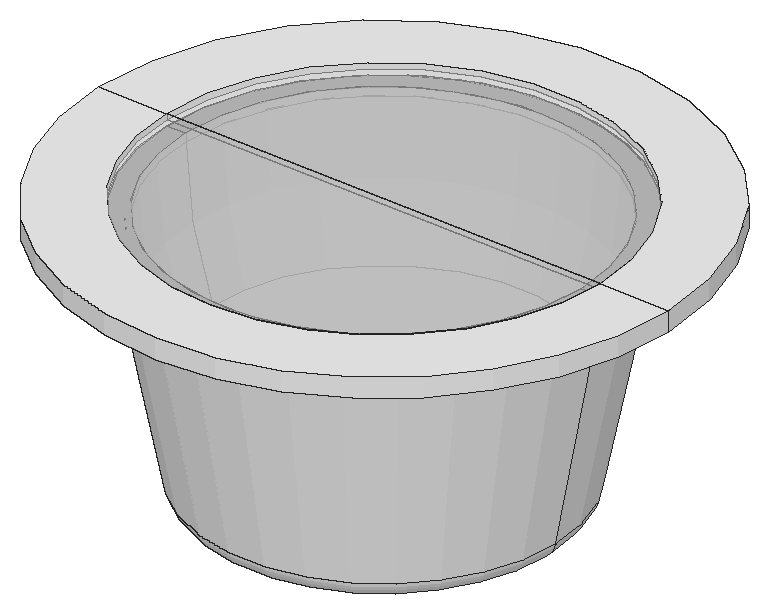
Revit family "2060572+2039013 Sylvania Lighting Fixture ASCENT 100 II ARCH 3600 3K DALI 160 with IP54 PC Cover", category Lighting Fixtures, host Face, Revit 2016
Family settings
  Host = Face
  Part Type = Normal
  Round Connector Dimension = Use Diameter
  OmniClass Number = 23.80.70.11.17
  OmniClass Title = Specialized Lighting by Location or Use
  Cut with Voids When Loaded = No
  Light Source = Yes
  Shared = No
  Room Calculation Point = No
Parameters (values of type "2060572+2039013 ASCT100 II ARCH 3600 3K DALI 160 with IP54 PC Cover")
  WidthBezelAcc_SYL = 25.0 mm
  Weight = "1.2 kg"
  Wattage = 30 W
  WarrantyStartDate [instance] = "n/a"
  WarrantyGuarantorParts = "n/a"
  WarrantyDurationUnit = "n/a"
  WarrantyDurationParts = "n/a"
  WarrantyDescription = "n/a"
  built-in parameter 1150110 = 1 (stored number, unit not read)
  Voltage = 0 V
  VisibilityAccessory_SYL = yes
  TypeName = "ASCENT 100 II ARCH 3600 3K DALI 160 with IP54 PC Cover"
  built-in parameter 1114217 = 1 (stored number, unit not read)
  Tilt Angle = -90°
  built-in parameter 1150109 = 1 (stored number, unit not read)
  built-in parameter 1150134 = (empty or 0)
  built-in parameter 1150113 = 1 (stored number, unit not read)
  SerialNumber [instance] = "n/a"
  ReflectorRadius_SYL = Radius_SYL - 14.5 mm  # 80.0 mm
  RadiusAcc_SYL = 105.0 mm
  Radius_SYL = 94.5 mm
  URL = "http://www.sylvania-lighting.com"
  PowerFactor = 0
  PowerConsumption = "30 W"
  Photometric Web File = "2060572.ies"
  NominalWidth = 0.0 mm
  NominalLength = 0.0 mm
  NominalHeight = 94.0 mm
  Name = "ASCENT 100 II ARCH 3600 3K DALI 160 with IP54 PC Cover"
  ModelReference = "ASCENT 100 II ARCH 3600 3K DALI 160 with IP54 PC Cover"
  ModelNumber = "2060572+2039013"
  Material_4_SYL = none
  Material_3_SYL = Polycarbonate_Sylvania_Ascent_Clear
  Material_2_SYL = Aluminium_Sylvania_Ascent_Silver
  Material_1_SYL = Aluminum_Sylvania_Ascent_White
  Material = "aluminium housing, arcylic diffuser"
  ManufacturerName = "Feilo Sylvania"
  LuminousEfficacy = "118 lm/W"
  built-in parameter 1150105 = 281.7 (stored number, unit not read)
  Lumens = 3540 lm
  LuminaireType = ""
  built-in parameter 1150115 = 1 (stored number, unit not read)
  LightOutputRatio = "100"
  built-in parameter 1150137 = (empty or 0)
  built-in parameter 1150139 = (empty or 0)
  LampsType = Lamp  # "LED"
  LampNominalLuminous = "3548 lm"
  LampMacAdamStep = "3"
  LampColourTemperature = "3000 K"
  LampColourRenderingIndex = "80"
  built-in parameter 1150112 = 1 (stored number, unit not read)
  built-in parameter 1150114 = 1 (stored number, unit not read)
  Keynote = "16500"
  InstallationDate [instance] = "n/a"
  InputVoltage = "n/a"
  InputNominalFrequency = "n/a"
  built-in parameter 1150132 = (empty or 0)
  built-in parameter 1150102 = (empty or 0)
  built-in parameter 1150107 = 3000 (stored number, unit not read)
  built-in parameter 1150138 = (empty or 0)
  IngressProtection = "IP54"
  ImpactProtectionIndex = "IK02"
  built-in parameter 1150106 = 2.817 (stored number, unit not read)
  IfcExportType = "IfcLightFixtureType"
  IfcExportAs = "IfcLightFixtureType"
  Height_SYL = 94.0 mm
  HeightAcc_SYL = 7.0 mm
  ExpectedLife = 50000
  EmittionSurface_SYL = if(VisibilityAccessory_SYL, 7.0 mm, 3.0 mm)  # 7.0 mm
  Emit from Circle Diameter = DiffuserRadius_SYL * 2  # 146.0 mm
  Emit Shape Visible in Rendering = no
  ElectricShockClassification = "Class II"
  built-in parameter 1150104 = 10.963 (stored number, unit not read)
  DurationUnit = "hours"
  DocumentationLiterature = "http://www.sylvania-lighting.com/product/en-int/products/2060572"
  DimmingControlOptions = "n/a"
  Dimming Lamp Color Temperature Shift = <None>
  DiffuserRadius_SYL = ReflectorRadius_SYL - 7.0 mm  # 73.0 mm
  Diameter_SYL = 2 * Radius_SYL  # 189.0 mm
  CutoutDiameter_SYL = Diameter_SYL - 13.0 mm  # 176.0 mm
  CreatedOn = "9/17/2018"
  CreatedBy = "@sylvania-lighting.com"
  Color Filter = 16777215
  built-in parameter 1114216 [instance] = 1 (stored number, unit not read)
  Model = "ASCENT 100 II ARCH 3600 3K DALI 160 with IP54 PC Cover"
  Manufacturer = "Feilo Sylvania"
  Lamp = "LED"
  Description = "Direct LED retro fit for original LED 100 Arch (160) single CFL lamp offering Matching lumen levels and improved light distribution of original LED 100 CFL lamp equivalents Typically half the power consumption compared to CFL Up to 112lm/W 160mm aperture Architectural reflector accepts range of glass accessories from existing LED 100 Arch 160 offering HE, HO and VHO versions equivalent of single 1 x 18W, 1 x 32W, 1 x 42W\r\n Additional VVHO versions which offer the performance circa 2 x 32W equivalent"  # constant formula
  Default Elevation = 0.0 mm
  built-in parameter 1140040 [instance] = 1
  BarCode [instance] = "n/a"
  built-in parameter 1114218 = 1 (stored number, unit not read)
  built-in parameter 1150133 = 10 (stored number, unit not read)
  AssetType = "Fixed"
  AssetIdentifier [instance] = "n/a"
  Assembly Code = "D5020200"
  Apparent Load = 30 VA
  Aperture_SYL = 2 * ReflectorRadius_SYL  # 160.0 mm
Reference planes
  plane 1 "Center (Front/Back)": y = 0
  plane 2: z = 0
  plane 3 "Center (Left/Right)": x = 0
  plane 4 "Fixture Bottom": z = 3
  plane 5: z = -52.5
  plane 6 "Fixture Top": z = -91
  plane 7: x = -105
  plane 8: z = 7
  plane 9: x = -80
  plane 10: z = 5
  plane 11: x = -103
Forms (mm)
  Extrusion 1, solid, material "Aluminum_Sylvania_Ascent_White", detail levels fine
    sketch origin (0, 0, 0) x (1, 0, 0) y (0, 1, 0)
      loop
        circle (0, 0) r 94.5
      loop
        circle (0, 0) r 80
    from 0 to 3
  Extrusion 2, void
    sketch origin (0, 0, 0) x (1, 0, 0) y (0, 1, 0)
      loop
        circle (0, 0) r 88
    from -91 to 3
  Revolve 3, solid, material "Aluminum_Sylvania_Ascent_White" <- "Material_1_SYL", detail levels fine
    sketch origin (0, 0, 0) x (1, 0, 0) y (0, 0, 1)
      loop
        line (0, -91.073) -> (0, -89.023) -> (-55.468, -89.014)
        arc (-55.468, -89.014) -> (-59.352, -87.613) -> (-61.54, -84.139) r 6.307
        line (-61.54, -84.139) -> (-77.991, -2.844) -> (-77.991, 0) -> (-80, 0) -> (-80, -3) -> (-63.5, -84.536)
        arc (-63.5, -84.536) -> (-60.643, -89.203) -> (-55.5, -91.073) r 8.291
        line (-55.5, -91.073) -> (0, -91.073)
      axis (0, 0) -> (0, -91.073)
    angle from 0 to 360
  Revolve 4, solid, material "Aluminium_Sylvania_Ascent_Silver" <- "Material_2_SYL", detail levels fine
    sketch origin (0, 0, 0) x (1, 0, 0) y (0, 0, 1)
      loop
        line (-80, 3) -> (-80, 0) -> (-75, 0)
        arc (-75, 0) -> (-72.349, -26.77) -> (-64.5, -52.5) r 136.5
        line (-64.5, -52.5) -> (-58, -52.5)
        arc (-58, -52.5) -> (-56.857, -61.521) -> (-53.5, -69.971) r 36.166
        line (-53.5, -69.971) -> (0, -69.971) -> (0, -50.5) -> (-63.16, -50.5)
        arc (-63.16, -50.5) -> (-70.517, -25.725) -> (-73, 0) r 134.5
        line (-73, 0) -> (-73, 3) -> (-80, 3)
      axis (0, 3) -> (0, -69.971)
    angle from 0 to 360
  Extrusion 5, solid, material "Polycarbonate_Sylvania_Ascent_Clear" <- "Material_3_SYL", detail levels fine
    sketch origin (0, 0, 0) x (1, 0, 0) y (0, 1, 0)
      loop
        circle (0, 0) r 73
    from 0 to 3
  Revolve 6, solid, material "Aluminum_Sylvania_Ascent_White" <- "Material_1_SYL", detail levels coarse+medium
    sketch origin (0, 0, 0) x (1, 0, 0) y (0, 0, 1)
      loop
        line (0, -91.073) -> (0, 3) -> (-94.5, 3) -> (-94.5, 0) -> (-79.5, 0) -> (-79.5, -3) -> (-63, -84.536)
        arc (-63, -84.536) -> (-60.143, -89.203) -> (-55, -91.073) r 8.291
        line (-55, -91.073) -> (0, -91.073)
      axis (0, 3) -> (0, -91.073)
    angle from 0 to 360
  Revolve 7, solid, material "Aluminum_Sylvania_Ascent_White" <- "Material_1_SYL", visible <- "VisibilityAccessory_SYL"
    sketch origin (0, 0, 0) x (1, 0, 0) y (0, 0, 1)
      loop
        line (-105, 0) -> (-103, 0) -> (-103, 5) -> (-80, 5) -> (-80, 7) -> (-105, 7) -> (-105, 0)
      axis (0, 7) -> (0, 0)
    angle from 0 to 360
  Revolve 8, solid, material "Polycarbonate_Sylvania_Ascent_Clear" <- "Material_3_SYL", visible <- "VisibilityAccessory_SYL"
    sketch origin (0, 0, 0) x (1, 0, 0) y (0, 0, 1)
      loop
        line (-80, 7) -> (-80, 5) -> (0, 5) -> (0, 7) -> (-80, 7)
      axis (0, 7) -> (0, 5)
    angle from 0 to 360
Lines and regions (mm)
  reference lines
    curve 1: line (-150, 0, 7) -> (125, 0, 7)
Dimensions and locks
  locked: plane 4 "Fixture Bottom" to plane 2 at 3
  "Height_SYL": plane 4 "Fixture Bottom" to plane 6 "Fixture Top"
  "ReflectorRadius_SYL": plane 3 "Center (Left/Right)" to Revolve 4 sketch curve
  locked: Revolve 4 sketch curve to Revolve 4 sketch curve at 15.5
  locked: Revolve 4 sketch curve to Revolve 4 sketch curve at 5
  locked: Revolve 4 sketch curve to Revolve 4 sketch curve at 7
  locked: Revolve 4 sketch curve to Revolve 4 sketch curve at 22
  locked: Revolve 4 sketch curve to Revolve 4 sketch curve at 26.5
  locked: Revolve 3 sketch curve to Revolve 3 sketch curve at 16.5
  locked: Revolve 3 sketch curve to Revolve 3 sketch curve at 24.5
  "ReflectorRadius_SYL": Revolve 3 sketch curve to plane 3 "Center (Left/Right)"
  locked: Revolve 3 sketch curve to plane 6 "Fixture Top" at 6.464
  locked: plane 2 to Revolve 3 sketch curve at 3
  locked: Revolve 3 sketch curve to Revolve 3 sketch curve at 2
  locked: Revolve 3 sketch curve to Revolve 3 sketch curve at 2.009
  locked: plane 2 to plane 5 at 52.5
  locked: Revolve 6 sketch curve to Revolve 6 sketch curve at 31.5
  locked: Revolve 6 sketch curve to Revolve 6 sketch curve at 39.5
  locked: Revolve 6 sketch curve to Revolve 6 sketch curve at 15
  "Radius_SYL": plane 3 "Center (Left/Right)" to Revolve 6 sketch curve
  "RadiusAcc_SYL": plane 3 "Center (Left/Right)" to plane 7
  "HeightAcc_SYL": plane 8 to level
  "WidthBezelAcc_SYL": plane 7 to plane 9
  locked: plane 7 to plane 11 at 2
  locked: plane 8 to plane 10 at 2
  "EmittionSurface_SYL": curve 1 to level
  "CutoutDiameter_SYL": diameter of Extrusion 2 sketch curve
  "ReflectorRadius_SYL": radius of Extrusion 1 sketch curve
  "DiffuserRadius_SYL": radius of Extrusion 5 sketch curve
  "Radius_SYL": radius of Extrusion 1 sketch curve
  aligned and locked: host face to plane 2
  aligned and locked: host face to level
  aligned and locked: plane 4 "Fixture Bottom" to Extrusion 1
  aligned and locked: Extrusion 1 to plane 2
  aligned and locked: Revolve 3 sketch curve to plane 3 "Center (Left/Right)"
  aligned and locked: Revolve 4 sketch curve to plane 3 "Center (Left/Right)"  (x2)
  aligned and locked: plane 4 "Fixture Bottom" to Revolve 4 sketch curve
  aligned and locked: Extrusion 5 to plane 2
  aligned and locked: plane 2 to Revolve 3 sketch curve  (x2)
  aligned and locked: Revolve 6 sketch curve to plane 3 "Center (Left/Right)"
  aligned and locked: plane 6 "Fixture Top" to Extrusion 2
  aligned and locked: Revolve 7 sketch curve to plane 3 "Center (Left/Right)"
  aligned and locked: host face to Revolve 7 sketch curve  (x2)
  aligned and locked: Revolve 7 sketch curve to plane 7
  aligned and locked: plane 8 to Revolve 7 sketch curve
  aligned and locked: plane 9 to Revolve 7 sketch curve
  aligned and locked: Revolve 7 sketch curve to plane 10
  aligned and locked: plane 11 to Revolve 7 sketch curve
  aligned and locked: Revolve 7 to Revolve 8 sketch curve
  aligned and locked: Revolve 8 sketch curve to Revolve 7  (x2)
  aligned and locked: Revolve 8 sketch curve to plane 3 "Center (Left/Right)"  (x2)
  aligned and locked: plane 3 "Center (Left/Right)" to imposter light
  aligned and locked: imposter light to plane 1 "Center (Front/Back)"
  aligned and locked: imposter light to curve 1
Automatic sketch dimensions
  plane 1 "Center (Front/Back)" to Extrusion 2 sketch curve = 0.0 mm
  Extrusion 2 sketch curve to plane 3 "Center (Left/Right)" = 0.0 mm
  Extrusion 1 sketch curve to Extrusion 1 sketch curve = 0.0 mm  (x2)
  plane 1 "Center (Front/Back)" to Extrusion 1 sketch curve = 0.0 mm
  Extrusion 1 sketch curve to plane 3 "Center (Left/Right)" = 0.0 mm
  plane 6 "Fixture Top" to Revolve 3 sketch curve = 0.073 mm
  Revolve 3 sketch curve to plane 6 "Fixture Top" = 6.861 mm
  Revolve 3 sketch curve to Revolve 3 sketch curve = 0.003 mm
  Revolve 3 sketch curve to Revolve 3 sketch curve = 0.009 mm  (x2)
  Revolve 3 sketch curve to Revolve 3 sketch curve = 0.023 mm
  Revolve 3 sketch curve to Revolve 3 sketch curve = 0.072 mm
  Revolve 3 sketch curve to Revolve 3 sketch curve = 0.008 mm
  Revolve 3 sketch curve to plane 6 "Fixture Top" = 1.977 mm
  Revolve 3 sketch curve to Revolve 3 sketch curve = 33.496 mm
  Revolve 3 sketch curve to Revolve 3 sketch curve = 0.028 mm
  plane 4 "Fixture Bottom" to Revolve 3 sketch curve = 82.431 mm
  Revolve 4 sketch curve to Revolve 4 sketch curve = 0.0 mm  (x2)
  Revolve 4 sketch curve to plane 5 = 0.0 mm
  Revolve 4 sketch curve to level = 0.0 mm
  plane 5 to Revolve 4 sketch curve = 2.0 mm
  plane 4 "Fixture Bottom" to Revolve 4 sketch curve = 9.642 mm
  plane 1 "Center (Front/Back)" to Extrusion 5 sketch curve = 0.0 mm
  Extrusion 5 sketch curve to plane 3 "Center (Left/Right)" = 0.0 mm
  Revolve 4 sketch curve to level = 69.971 mm
  Revolve 4 sketch curve to Revolve 4 sketch curve = 2.387 mm
  Revolve 6 sketch curve to level = 0.0 mm
  Revolve 6 sketch curve to plane 3 "Center (Left/Right)" = 0.0 mm
  Revolve 6 sketch curve to Revolve 6 sketch curve = 8.104 mm
  Revolve 6 sketch curve to level = 3.0 mm
  Revolve 6 sketch curve to plane 6 "Fixture Top" = 6.464 mm
  plane 6 "Fixture Top" to Revolve 6 sketch curve = 0.073 mm
  Revolve 6 sketch curve to Revolve 6 sketch curve = 33.496 mm
  plane 4 "Fixture Bottom" to Revolve 6 sketch curve = 82.431 mm
  host sketch curve to host sketch curve = 1704.996 mm
  host sketch curve to host sketch curve = 1500.0 mm
  plane 6 "Fixture Top" to Revolve 7 sketch curve = 281.274 mm
  Revolve 7 sketch curve to plane 8 = 1140.706 mm
  plane 6 "Fixture Top" to Revolve 8 sketch curve = 281.274 mm
  Revolve 8 sketch curve to Revolve 8 sketch curve = 1140.706 mm
  Revolve 3 sketch curve to plane 3 "Center (Left/Right)" = 0.0 mm
  Revolve 6 sketch curve to plane 4 "Fixture Bottom" = 0.0 mm
  plane 7 to curve 1 = 45.0 mm
  plane 3 "Center (Left/Right)" to curve 1 = 125.0 mm
Connectors
  electrical at (0, 0, -91.073), driven by "Apparent Load"
    settings: on Revolve 3, index 1, voltage 240 V, apparent load 0 VA, apparent load phase1 30 VA, apparent load phase2 0 VA, apparent load phase3 0 VA, power factor 1, load classification "Lighting", number of poles 1, system type 31, power factor state 1, is connector primary yes, connector utility no, sub classification motor no, connector description ""
